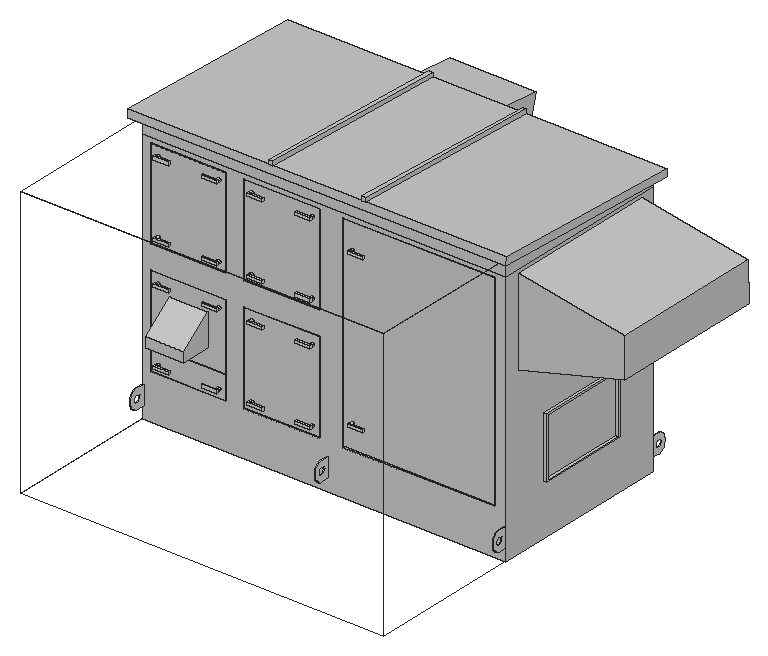
Revit family "DN-2RT-1FP-EH", category Mechanical Equipment, Revit 2016
Family settings
  Part Type = Normal
  Round Connector Dimension = Use Diameter
  OmniClass Number = 23.75.00.00
  OmniClass Title = Climate Control (HVAC)
  Work Plane-Based = No
  Always vertical = Yes
  Cut with Voids When Loaded = No
  Shared = No
  Room Calculation Point = No
Parameters (values of type "2 @ 1.35 kW ea.")
  Voltage [instance] = "200-277 V"
  Unit Weight Range (lbs) [instance] = "1825-2225 lbs."
  Max. Shipping Weight (lbs) [instance] = "2025-2425 lbs."
  Unit Dimensions (L x W x H) [instance] = "127-5/8\" x 76-5/8\" x 73-1/8\""
  Shipping Dimensions (Lx W x H) [instance] = "120\" x 90\" x 79\""
  Unit [instance] = Renewaire - Galvanized Steel
  URL = "www.renewaire.com"
  Typical Airflow Range = "375-1,650 CFM"
  Standard Features [instance] = "EC Motors for both airstreams, Direct drive backward inclined plenum, Higher ESP of up to 2\" w.g. at 1,500 CFM, Integrated programmable controls, True 100% face and bypass enthalpy based modulating economizer, Class 1 low leakage motorized isolation dampers, Stainless steel double-sloped drain pan with cooling option, 1\" Double wall foam injected 20 gauge galvanized panel construction with R6.5 insulation"
  Service Area Visibility [instance] = yes
  Service Area Box [instance] = Renewaire - Interference
  Revit Object Download Link [instance] = ""
  Phase [instance] = "Single"
  Options [instance] = "Heat pump, Modulating hot gas reheat, Steam or hot water coil, gas heat module or electric heater, Onboard variable frequency drives (VFDs) - both airstreams, Fused disconnect, Spring isolators (VFDs only), 2\" Double wall foam injected 20 gauge galvanized panel construction with R13 insulation, Exterior paint - grey, white, custom color, Salt spray - 2500 hours, BACNET factory activation, GFCI convenience outlet, Recirculation damper, Drain overflow switch, Mist Eliminator, Electrofin coating for coils"
  Number Motors [instance] = "Qty. 2, Direct drive motorized impeller packages"
  Model = "DN-2RT-1FP-EH"
  Minimum Circuit Amps [instance] = "15.1 A"
  Maximum Overcurrent Protection [instance] = "20 A"
  Manufacturer = "Renewaire LLC"
  Inlets/Outlets [instance] = "OA & RA Inlets: 24\" x 16\", SA Outlet: 24\" x 16\", EA Outlet: 20\" x 16\""
  Frequency [instance] = "50/60 Hz"
  Filters [instance] = "Total qty. 4, MERV 8: 16\" x 20\" x 2\""
  FLA per Motor [instance] = "6.7-4.8"
  Energy Recovery Type [instance] = "Static plate total energy transfer"
  Description = "Energy Recovery Ventilator"
  Accessories [instance] = "Filters - MERV 13, 2\"  and 4\" (shipped loose), MERV 14, 2\" and 4\" (shipped loose), Additional filters available upon request, Roof curb - standard 14\", Hurricane or seismic rated curbs, Curb clip kit, Carbon dioxide sensor/control - wall mount (CO2-W), duct mount (CO2-D), IAQ sensor - wall mount (IAQ-W), duct mount (IAQ-D), Motion occupancy sensor/control - ceiling mount (MC-C), wall mount (MC-W), Smoke detector, Room temperature and humidity sensor, Duct static pressure sensor with display to 10\", without display 0-2\", Room pressure sensor with display to 1\", without display 0-1\", Waterless trap negative pressure, Waterless trap positive pressure, Remote display"
  AHRI 1060 Certified Core [instance] = "One L-62-G5 and one L-125-G5"
Types (7): name | Voltage | Phase | Minimum Circuit Amps | Maximum Overcurrent Protection | FLA per Motor
  (no name) | "200-277 V" | "Single" | "15.1 A" | "20 A" | "6.7-4.8"
  2 @ 1.35 kW ea. | "200-277 V" | "Single" | "15.1 A" | "20 A" | "6.7-4.8"
  2 @ 2.70 kW ea. | "200-240 V" | "Three" | "19.4 A" | "25 A" | "8.6-7.2"
  2 @ 3.70 kW ea. | "380-480 V" | "Three" | "13.5 A" | "15 A" | "6.0-4.6"
  2 @ 3HP ea. 208-230V | "208-230 V" | "Three" | "20.3 A" | "25 A" | "9-8.4/4.2"
  2 @ 3HP ea. 460V | "460V" | "Three" | "9.5 A" | "15 A" | "4.2"
  2 @ 3HP ea. 575V | "575V" | "Three" | "7.4 A" | "15 A" | "3.3"
Reference planes (in)
  plane 1 "Center (Front/Back)": y = 0
  plane 2: z = 0
  plane 3 "Center (Left/Right)": x = 0
  plane 4: y = -24
  plane 5: x = -35.375
Forms (in)
  Extrusion 1, solid, material "Renewaire - Galvanized Steel" <- "Unit"
    sketch origin (0, 0, 0) x (1, 0, 0) y (0, 1, 0)
      loop
        line (-35.375, 23.99995) -> (-35.375, -24) -> (60, -24) -> (60, 23.99995) -> (-35.375, 23.99995)
    from 0 to 66.875
  Extrusion 2, void
    sketch origin (0, 0, 2) x (1, 0, 0) y (0, 0, 1)
      loop
        line (-33.22023, 63.824) -> (-33.22023, 39.82399) -> (-13.22023, 39.82399) -> (-13.22023, 63.824) -> (-33.22023, 63.824)
      loop
        line (-8.69064, 63.824) -> (-8.69064, 39.82399) -> (11.30935, 39.82399) -> (11.30935, 63.824) -> (-8.69064, 63.824)
      loop
        line (-33.22023, 33.824) -> (-33.22023, 9.824) -> (-13.22023, 9.824) -> (-13.22023, 33.824) -> (-33.22023, 33.824)
      loop
        line (-8.69064, 33.824) -> (-8.69064, 9.824) -> (11.30935, 9.824) -> (11.30935, 33.824) -> (-8.69064, 33.824)
      loop
        line (17.22532, 63.824) -> (17.22532, 9.824) -> (57.22532, 9.824) -> (57.22532, 63.824) -> (17.22532, 63.824)
    from 23 to 25
  Extrusion 3, void
    sketch origin (-0.65477, 0, 0) x (1, 0, 0) y (0, 1, 0)
      loop
        line (-33.22023, 21.99995) -> (-33.22023, -22) -> (57.89381, -22) -> (57.89381, 21.99995) -> (-33.22023, 21.99995)
    from 0 to 8
  Extrusion 4, void
    sketch origin (0, 0, 0) x (1, 0, 0) y (0, 1, 0)
      loop
        line (-29.9375, 20.56352) -> (-29.9375, -3.43648) -> (-13.93749, -3.43648) -> (-13.93749, 20.56352) -> (-29.9375, 20.56352)
      loop
        line (37.89381, 11.99993) -> (37.89381, -12.00007) -> (53.89381, -12.00007) -> (53.89381, 11.99993) -> (37.89381, 11.99993)
    from 7 to 8.125
  Extrusion 5, solid, material "Renewaire - Galvanized Steel" <- "Unit"
    sketch origin (0, 0, 2) x (0, 1, 0) y (0, 0, 1)
      loop
        line (18.60019, 30.89209) -> (-5.39982, 30.89209) -> (-5.39982, 14.89209) -> (18.60019, 14.89209) -> (18.60019, 30.89209)
      loop
        line (18.35019, 30.64209) -> (-5.14982, 30.64209) -> (-5.14982, 15.14209) -> (18.35019, 15.14209) -> (18.35019, 30.64209)
    from -35.375 to -36.875
  Extrusion 6, solid, material "Renewaire - Galvanized Steel" <- "Unit"
    sketch origin (0, 0, 2) x (0, 1, 0) y (0, 0, 1)
      loop
        line (-12.00006, 27.784) -> (-12.00006, 11.78399) -> (11.99994, 11.78399) -> (11.99994, 27.784) -> (-12.00006, 27.784)
      loop
        line (-11.75006, 27.534) -> (-11.75006, 12.03399) -> (11.74994, 12.03399) -> (11.74994, 27.534) -> (-11.75006, 27.534)
    from 60 to 61
  Extrusion 7, solid, material "Renewaire - Galvanized Steel" <- "Unit"
    sketch origin (0, 0, 2) x (1, 0, 0) y (0, 0, 1)
      loop
        line (17.47532, 63.574) -> (17.47532, 10.324) -> (56.97532, 10.324) -> (56.97532, 63.574) -> (17.47532, 63.574)
      loop
        line (-32.97023, 63.574) -> (-32.97023, 40.07399) -> (-13.47023, 40.07399) -> (-13.47023, 63.574) -> (-32.97023, 63.574)
      loop
        line (-8.44064, 63.574) -> (-8.44064, 40.07399) -> (11.05935, 40.07399) -> (11.05935, 63.574) -> (-8.44064, 63.574)
      loop
        line (-8.44064, 33.574) -> (-8.44064, 10.074) -> (11.05935, 10.074) -> (11.05935, 33.574) -> (-8.44064, 33.574)
      loop
        line (-32.97023, 10.074) -> (-13.47023, 10.074) -> (-13.47023, 16.074) -> (-32.97023, 16.074) -> (-32.97023, 10.074)
      loop
        line (-32.97023, 33.574) -> (-32.97023, 16.324) -> (-13.47023, 16.324) -> (-13.47023, 33.574) -> (-32.97023, 33.574)
    from 23 to 24
  Extrusion 8, solid, material "Renewaire - Interference" <- "Service Area Box", visible <- "Service Area Visibility"
    sketch origin (0, 0, 0) x (1, 0, 0) y (0, 1, 0)
      loop
        line (-35.375, -24) -> (-35.375, -64) -> (60, -64) -> (60, -24) -> (-35.375, -24)
    from 70.98996 to 0
  Extrusion 9, solid, material "Renewaire - Galvanized Steel" <- "Unit"
    sketch origin (0, 0, 0) x (0, 1, 0) y (0, 0, 1)
      loop
        line (23.99995, 65.37584) -> (23.99995, 47.19321) -> (33.39638, 47.19321) -> (43.03161, 56.49784) -> (44.92004, 63.54557) -> (23.99995, 65.37584)
    from 12.5814 to -9.96261
  Extrusion 10, solid, material "Renewaire - Galvanized Steel" <- "Unit"
    sketch origin (0, 0, 0) x (1, 0, 0) y (0, 0, 1)
      loop
        line (60, 66.14512) -> (60, 43.33282) -> (88.06702, 50.94615) -> (88.06702, 61.19615) -> (60, 66.14512)
    from 20.33014 to -20.26562
  Extrusion 11, solid, material "Renewaire - Galvanized Steel" <- "Unit"
    sketch origin (24.625, 0, 0) x (1, 0, 0) y (0, 0, 1)
      loop
        line (-60, 29.90852) -> (-63.62222, 28.93794) -> (-62.38755, 24.3301) -> (-60, 24.3301) -> (-60, 29.90852)
    from 11.98794 to 7.18094
  Extrusion 12, solid, material "Renewaire - Galvanized Steel" <- "Unit"
    sketch origin (0, 0, 0) x (0, 1, 0) y (0, 0, 1)
      loop
        line (23.99995, 69.02245) -> (-24, 71.17151) -> (-24, 66.875) -> (23.99995, 66.875) -> (23.99995, 69.02245)
    from 60 to -35.375
  Extrusion 13, solid, material "Renewaire - Galvanized Steel" <- "Unit"
    sketch origin (0, 0, 0) x (0, 1, 0) y (0, 0, 1)
      loop
        line (26.25341, 70.90076) -> (-26.19982, 73.11627) -> (-26.28422, 71.11805) -> (26.16901, 68.90254) -> (26.25341, 70.90076)
    from 61.85788 to -37.375
  Extrusion 14, solid, material "Renewaire - Galvanized Steel" <- "Unit"
    sketch origin (0, 0, 0) x (0, 1, 0) y (0, 0, 1)
      loop
        line (26.25341, 70.90076) -> (26.29557, 71.89898) -> (-26.15766, 74.11449) -> (-26.19982, 73.11627) -> (26.25341, 70.90076)
    from 0.5 to -0.5
  Extrusion 15, solid, material "Renewaire - Galvanized Steel" <- "Unit"
    sketch origin (0, 0, 0) x (0, 1, 0) y (0, 0, 1)
      loop
        line (26.25341, 70.90076) -> (26.29557, 71.89898) -> (-26.15766, 74.11449) -> (-26.19982, 73.11627) -> (26.25341, 70.90076)
    from 24 to 25
  Extrusion 16, solid, material "Renewaire - Galvanized Steel" <- "Unit"
    sketch origin (23.98695, 0, 0) x (0, 1, 0) y (0, 0, 1)
      loop
        line (-24, 31.20717) -> (-31.6831, 25.20447) -> (-31.6831, 22.70447) -> (-24, 22.70447) -> (-24, 31.20717)
    from -42.22506 to -52.18929
Cuts and joins
  Extrusion 2, Extrusion 3, Extrusion 4 cuts Extrusion 1
Dimensions and locks (in)
  aligned and locked: level to plane 2
  aligned and locked: nested 1 to cut or joined group of Extrusion 1, Extrusion 2, Extrusion 3, Extrusion 4
  aligned and locked: Extrusion 7 sketch curve to Extrusion 7 sketch curve
  aligned and locked: Extrusion 8 to Extrusion 12
Nested families (in)
  nested 1: "Lifting Lug" at (-35.125, -24, 3.03309) x (0, -1, 0) z (0, 0, 1), Material <- "Unit", type "Lifting Lug"
    with Material Renewaire - Galvanized Steel
  nested 2: "Lifting Lug" at (59.88692, -24, 3.03309) x (0, -1, 0) z (0, 0, 1), Material <- "Unit", type "Lifting Lug"
    with Material Renewaire - Galvanized Steel
  nested 3: "Handle" at (-15.28433, -24, 63.25), type "Handle"
    with Right Handle no, Left Handle yes, Flip yes
  nested 4: "Handle" at (-15.28433, -24, 44.11337), type "Handle"
    with Right Handle no, Left Handle yes, Flip yes
  nested 5: "Handle" at (-31.15613, -24, 63.25) x (-1, 0, 0) z (0, 0, 1), type "Handle"
    with Right Handle no, Left Handle yes, Flip yes
  nested 6: "Handle" at (-31.15613, -24, 44.11337) x (-1, 0, 0) z (0, 0, 1), type "Handle"
    with Right Handle no, Left Handle yes, Flip yes
  nested 7: "Handle" at (9.24525, -24, 63.25), type "Handle"
    with Right Handle no, Left Handle yes, Flip yes
  nested 8: "Handle" at (9.24525, -24, 44.11337), type "Handle"
    with Right Handle no, Left Handle yes, Flip yes
  nested 9: "Handle" at (-6.62654, -24, 63.25) x (-1, 0, 0) z (0, 0, 1), type "Handle"
    with Right Handle no, Left Handle yes, Flip yes
  nested 10: "Handle" at (-6.62654, -24, 44.11337) x (-1, 0, 0) z (0, 0, 1), type "Handle"
    with Right Handle no, Left Handle yes, Flip yes
  nested 11: "Handle" at (9.24525, -24, 33.25), type "Handle"
    with Right Handle no, Left Handle yes, Flip yes
  nested 12: "Handle" at (9.24525, -24, 14.11338), type "Handle"
    with Right Handle no, Left Handle yes, Flip yes
  nested 13: "Handle" at (-6.62654, -24, 33.25) x (-1, 0, 0) z (0, 0, 1), type "Handle"
    with Right Handle no, Left Handle yes, Flip yes
  nested 14: "Handle" at (-6.62654, -24, 14.11338) x (-1, 0, 0) z (0, 0, 1), type "Handle"
    with Right Handle no, Left Handle yes, Flip yes
  nested 15: "Handle" at (-15.28433, -24, 33.25), type "Handle"
    with Right Handle no, Left Handle yes, Flip yes
  nested 16: "Handle" at (-15.28433, -24, 14.11338), type "Handle"
    with Right Handle no, Left Handle yes, Flip yes
  nested 17: "Handle" at (-31.15613, -24, 33.25) x (-1, 0, 0) z (0, 0, 1), type "Handle"
    with Right Handle no, Left Handle yes, Flip yes
  nested 18: "Handle" at (-31.15613, -24, 14.11338) x (-1, 0, 0) z (0, 0, 1), type "Handle"
    with Right Handle no, Left Handle yes, Flip yes
  nested 19: "Lifting Lug" at (59.88692, 24, 3.03309) x (0, 1, 0) z (0, 0, 1), Material <- "Unit", type "Lifting Lug"
    with Material Renewaire - Galvanized Steel
  nested 20: "Lifting Lug" at (13.25, -24, 3.03309) x (0, -1, 0) z (0, 0, 1), Material <- "Unit", type "Lifting Lug"
    with Material Renewaire - Galvanized Steel
  nested 21: "Lifting Lug" at (-35.125, 24, 3.03309) x (0, 1, 0) z (0, 0, 1), Material <- "Unit", type "Lifting Lug"
    with Material Renewaire - Galvanized Steel
  nested 22: "Lifting Lug" at (13.25, 24, 3.03309) x (0, 1, 0) z (0, 0, 1), Material <- "Unit", type "Lifting Lug"
    with Material Renewaire - Galvanized Steel
  nested 23: "Handle" at (19.76858, -24, 59.0118) x (-1, 0, 0) z (0, 0, 1), type "Handle"
    with Right Handle no, Left Handle yes, Flip yes
  nested 24: "Handle" at (19.76858, -24, 18.2618) x (-1, 0, 0) z (0, 0, 1), type "Handle"
    with Right Handle no, Left Handle yes, Flip yes
Connectors (in)
  hvac at (61, -0.00006, 21.784)
    settings: on Extrusion 6, index 2, duct flow 0 CFM, flow factor 0, pres drop 0.00 in-wg, loss coef 0, conn angle 0.00°, conn width 24", conn height 16", conn diameter 24", duct sys type 2, conn prof type 1, flow config 0, flow direction 1, loss method 0, conn ref index -1, conn util no, is conn primary yes, conn desc "Return Air (RA)"
  hvac at (-36.875, 6.60018, 24.89209)
    settings: on Extrusion 5, index 6, duct flow 0 CFM, flow factor 0, pres drop 0.00 in-wg, loss coef 0, conn angle 0.00°, conn width 24", conn height 16", conn diameter 24", duct sys type 1, conn prof type 1, flow config 0, flow direction 2, loss method 0, conn ref index -1, conn util no, is conn primary no, conn desc "Supply Air (SA)"
  hvac at (-21.9375, 8.56352, 8.125)
    settings: on cut or joined group of Extrusion 1, Extrusion 2, Extrusion 3, Extrusion 4, index 7, duct flow 0 CFM, flow factor 0, pres drop 0.00 in-wg, loss coef 0, conn angle 0.00°, conn width 24", conn height 16", conn diameter 24", duct sys type 1, conn prof type 1, flow config 0, flow direction 2, loss method 0, conn ref index -1, conn util no, is conn primary no, conn desc "Supply Air (SA)"
  hvac at (45.89381, -0.00007, 8)
    settings: on cut or joined group of Extrusion 1, Extrusion 2, Extrusion 3, Extrusion 4, index 8, duct flow 0 CFM, flow factor 0, pres drop 0.00 in-wg, loss coef 0, conn angle 0.00°, conn width 24", conn height 16", conn diameter 24", duct sys type 2, conn prof type 1, flow config 0, flow direction 1, loss method 0, conn ref index -1, conn util no, is conn primary no, conn desc "Return Air (RA)"
Definition of nested family "Lifting Lug"
  Parameters (values of type "Lifting Lug")
    Material [instance] = none
  Reference planes (in)
    plane 1 "Center (Front/Back)": y = 0
    plane 2: z = 0
    plane 3 "Center (Left/Right)": x = 0
  Forms (in)
    Extrusion 1, solid
      sketch origin (0, 0, 0) x (1, 0, 0) y (0, 0, 1)
        loop
          line (0, 0.1875) -> (2, 0.1875)
          arc (2, 0.1875) -> (3.41421, 0.77329) -> (4, 2.1875) r 2
          line (4, 2.1875) -> (4, 3.1875)
          arc (4, 3.1875) -> (3.41421, 4.60171) -> (2, 5.1875) r 2
          line (2, 5.1875) -> (0, 5.1875) -> (0, 0.1875)
        loop
          circle (2.125, 2.6875) r 1
      from 0 to 0.25
  Dimensions and locks (in)
    aligned and locked: plane 2 to level
Definition of nested family "Handle"
  Parameters (values of type "Handle")
    Right Handle [instance] = not(Flip)  # no
    Material = none
    Left Handle [instance] = Flip  # yes
    Flip [instance] = yes
  Reference planes (in)
    plane 1 "Center (Front/Back)": y = 0
    plane 2: z = 0
    plane 3 "Center (Left/Right)": x = 0
  Forms (in)
    Extrusion 1, solid, material <- "Material"
      sketch origin (0, 0, 0) x (1, 0, 0) y (0, 0, 1)
        loop
          circle (0, 0) r 0.375
      from 0 to 0.75
    Extrusion 2, solid, material <- "Material", visible <- "Right Handle"
      sketch origin (0, 0, 0) x (1, 0, 0) y (0, 1, 0)
        loop
          line (-0.375, -0.75) -> (-0.375, -1.25) -> (3.625, -1.25) -> (3.625, -0.75) -> (-0.375, -0.75)
      from -0.375 to 0.375
    Extrusion 3, solid, material <- "Material", visible <- "Left Handle"
      sketch origin (-3.25, 0, 0) x (1, 0, 0) y (0, 1, 0)
        loop
          line (-0.375, -0.75) -> (-0.375, -1.25) -> (3.625, -1.25) -> (3.625, -0.75) -> (-0.375, -0.75)
      from -0.375 to 0.375
  Dimensions and locks (in)
    aligned and locked: plane 2 to level
